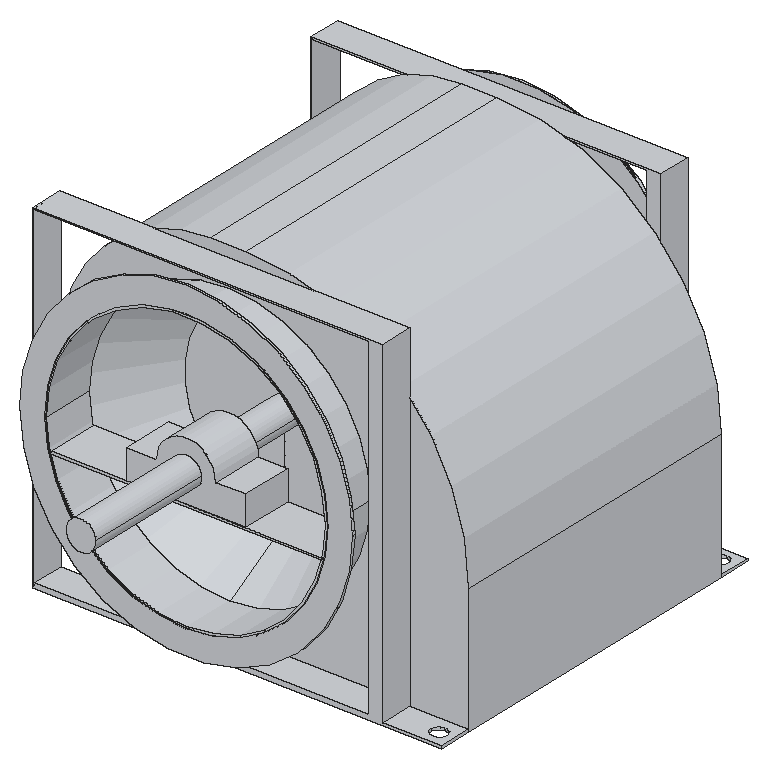
Revit family "CAF_DWDI_CW_DBD", category Mechanical Equipment, Revit 2019 (continued)
Types (59): name | V+(D-(A+.25"))/2 | V | U-N | U | T/2 | T | S/2 | S | OLD_R/2 | OLD_R | P | N | M | L | K/2 | K | INLET/4 | INLET/2 | INLET | H-J | G-(R/2) | G-(INLET/2)-1.625" | G+(INLET/2)+1.625" | OLD_G | E/2 | DB_R | DB_J | DB_H | DB_G | DB_F | DB_E | DB_D | D/2 | C/2 | C+C | C | BOTTOM | B/2 | B+.25" | B | A/2 | A+.25" | A | D/7 | Type Comments | -P | -(B+.25")/2 | (M-(B+.25")/2 | (INLET/2)-.125" | (INLET/2)+1.625" | (INLET/2)+1.5" | (D-(A+.25"))/2 | (B+.25")/2 | (A+.25")/2 | ((M+U+U+N+N)-((B+.25")/2))/2
  165_CAF-DWDI_CW_DBD_CLASS_3 | 1 15/16" | 1" | 1 9/16" | 8 1/16" | 13 3/16" | 26 3/8" | 13 11/16" | 27 3/8" | 12 1/8" | 24 1/4" | 38 5/16" | 6 1/2" | 28 1/8" | 14 1/16" | 15/32" | 15/16" | 5 19/64" | 10 19/32" | 21 3/16" | 13 1/8" | 1" | 1 1/32" | 25 7/32" | 13 1/8" | 13 1/16" | 7/8" | 30 9/16" | 1 1/16" | 12 11/16" | 31 3/16" | 13 1/8" | 27 1/2" | 9 17/32" | 1 3/32" | 4 3/8" | 2 3/16" | 7 3/16" | 12" | 24 1/4" | 24" | 8 15/32" | 17 3/16" | 16 15/16" | 1 151/256" | "Centrifugal Airfoil Blower Clockwise Down Blast Arrangement 3 Low Profile Class 3" | -38 5/16" | -12 1/8" | 1 15/16" | 10 15/32" | 12 3/32" | 12 1/32" | 15/16" | 12 1/8" | 8 19/32" | 3 1/2"
  180_CAF-DWDI_CW_DBD_CLASS_3 | 1 15/16" | 1" | 1 9/16" | 8 1/16" | 14 7/32" | 28 7/16" | 14 7/8" | 29 3/4" | 13 3/8" | 26 3/4" | 40 3/8" | 6 1/2" | 30 3/16" | 15 1/8" | 15/32" | 15/16" | 5 43/64" | 11 11/32" | 22 11/16" | 14 5/16" | 15/16" | 1 15/32" | 27 5/32" | 14 5/16" | 14 3/32" | 7/8" | 32 7/8" | 1 1/16" | 13 13/16" | 33 15/16" | 14 5/16" | 30" | 10 5/16" | 1 3/32" | 4 3/8" | 2 3/16" | 7 27/32" | 13 1/32" | 26 5/16" | 26 1/16" | 9 1/4" | 18 3/4" | 18 1/2" | 1 23/32" | "Centrifugal Airfoil Blower Clockwise Down Blast Arrangement 3 Low Profile Class 3" | -40 3/8" | -13 5/32" | 1 15/16" | 11 7/32" | 12 27/32" | 12 25/32" | 15/16" | 13 5/32" | 9 3/8" | 3 1/2"
  195_CAF-DWDI_CW_DBD_CLASS_3 | 1 31/32" | 1" | 1 9/16" | 8 1/16" | 15 21/32" | 31 5/16" | 16 11/32" | 32 11/16" | 14 1/4" | 28 1/2" | 42 3/4" | 6 1/2" | 33 9/16" | 16 13/16" | 15/32" | 15/16" | 6 3/64" | 12 3/32" | 24 3/16" | 15 1/2" | 1 1/4" | 1 29/32" | 29 3/32" | 15 1/2" | 15 5/16" | 7/8" | 36 3/8" | 2 1/16" | 14 15/16" | 37 11/16" | 15 1/2" | 32 7/16" | 10 27/32" | 1 3/32" | 4 3/8" | 2 3/16" | 8 15/32" | 14 7/32" | 28 11/16" | 28 7/16" | 9 3/4" | 19 3/4" | 19 1/2" | 1 207/256" | "Centrifugal Airfoil Blower Clockwise Down Blast Arrangement 3 Low Profile Class 3" | -42 3/4" | -14 11/32" | 2 7/16" | 11 31/32" | 13 19/32" | 13 17/32" | 31/32" | 14 11/32" | 9 7/8" | 4"
  210_CAF-DWDI_CW_DBD_CLASS_3 | 1 31/32" | 1" | 1 9/16" | 8 9/16" | 16 5/8" | 33 1/4" | 17 17/32" | 35 1/16" | 15" | 30" | 45 3/16" | 7" | 35 1/2" | 17 3/4" | 15/32" | 15/16" | 6 31/64" | 12 31/32" | 25 15/16" | 16 11/16" | 1 11/16" | 2 7/32" | 31 5/32" | 16 11/16" | 16 9/32" | 1 1/8" | 38 11/16" | 2 1/16" | 16 1/8" | 40 3/8" | 16 11/16" | 34 15/16" | 11 29/32" | 1 3/32" | 4 3/8" | 2 3/16" | 9 1/8" | 15 3/16" | 30 5/8" | 30 3/8" | 10 13/16" | 21 7/8" | 21 5/8" | 1 63/64" | "Centrifugal Airfoil Blower Clockwise Down Blast Arrangement 3 Low Profile Class 3" | -45 3/16" | -15 5/16" | 2 7/16" | 12 27/32" | 14 15/32" | 14 13/32" | 31/32" | 15 5/16" | 10 15/16" | 4"
  225_CAF-DWDI_CW_DBD_CLASS_3 | 2 15/32" | 1" | 1 9/16" | 8 9/16" | 17 11/16" | 35 3/8" | 18 3/4" | 37 1/2" | 15 7/8" | 31 3/4" | 47 5/16" | 7" | 37 5/8" | 18 13/16" | 15/32" | 15/16" | 6 55/64" | 13 23/32" | 27 7/16" | 17 13/16" | 1 15/16" | 2 19/32" | 33 1/32" | 17 13/16" | 17 27/32" | 1 1/8" | 41 3/16" | 2 1/16" | 17 1/4" | 43 1/8" | 17 13/16" | 37 7/16" | 13 3/16" | 1 3/32" | 4 3/8" | 2 3/16" | 9 25/32" | 16 1/4" | 32 3/4" | 32 1/2" | 11 19/32" | 23 7/16" | 23 3/16" | 2 51/256" | "Centrifugal Airfoil Blower Clockwise Down Blast Arrangement 3 Low Profile Class 3" | -47 5/16" | -16 3/8" | 2 7/16" | 13 19/32" | 15 7/32" | 15 5/32" | 1 15/32" | 16 3/8" | 11 23/32" | 4"
  245_CAF-DWDI_CW_DBD_CLASS_3 | 2 15/32" | 1" | 9/16" | 7 9/16" | 19 9/32" | 38 9/16" | 20 1/8" | 40 1/4" | 16 7/8" | 33 3/4" | 50 13/16" | 7" | 41 3/16" | 20 5/8" | 17/32" | 1 1/16" | 7 23/64" | 14 23/32" | 29 7/16" | 19 3/8" | 2 1/2" | 3 5/32" | 35 19/32" | 19 3/8" | 19 1/8" | 1 5/16" | 44 7/16" | 2 1/16" | 18 3/4" | 46 3/4" | 19 3/8" | 40 11/16" | 14 11/32" | 1 7/32" | 4 7/8" | 2 7/16" | 10 21/32" | 17 17/32" | 35 5/16" | 35 1/16" | 12 3/4" | 25 3/4" | 25 1/2" | 2 25/64" | "Centrifugal Airfoil Blower Clockwise Down Blast Arrangement 3 Low Profile Class 3" | -50 13/16" | -17 21/32" | 2 15/16" | 14 19/32" | 16 7/32" | 16 5/32" | 1 15/32" | 17 21/32" | 12 7/8" | 3 1/2"
  270_CAF-DWDI_CW_DBD_CLASS_3 | 2 15/32" | 1" | 9/16" | 7 11/16" | 21 15/32" | 42 15/16" | 22 1/8" | 44 1/4" | 18 3/4" | 37 1/2" | 55 5/16" | 7 1/8" | 45 9/16" | 22 13/16" | 17/32" | 1 1/16" | 7 63/64" | 15 31/32" | 31 15/16" | 21 5/16" | 2 9/16" | 3 27/32" | 38 25/32" | 21 5/16" | 21 5/16" | 1 5/16" | 48 1/2" | 2 1/16" | 20 11/16" | 51 5/16" | 21 5/16" | 44 13/16" | 15 11/32" | 1 7/32" | 4 7/8" | 2 7/16" | 11 3/4" | 19 23/32" | 39 11/16" | 39 7/16" | 13 3/4" | 27 3/4" | 27 1/2" | 2 143/256" | "Centrifugal Airfoil Blower Clockwise Down Blast Arrangement 3 Low Profile Class 3" | -55 5/16" | -19 27/32" | 2 15/16" | 15 27/32" | 17 15/32" | 17 13/32" | 1 15/32" | 19 27/32" | 13 7/8" | 3 1/2"
  300_CAF-DWDI_CW_DBD_CLASS_3 | 2 15/32" | 1" | 5/8" | 7 3/4" | 23 1/4" | 46 1/2" | 24 15/32" | 48 15/16" | 20 1/4" | 40 1/2" | 58 7/8" | 7 1/8" | 49 1/8" | 24 9/16" | 17/32" | 1 1/16" | 8 47/64" | 17 15/32" | 34 15/16" | 23 11/16" | 3 7/16" | 4 23/32" | 42 21/32" | 23 11/16" | 1 5/16" | 1 1/8" | 53 3/16" | 2 1/16" | 22 15/16" | 56 13/16" | 23 11/16" | 49 3/4" | 17 3/16" | 1 7/32" | 4 7/8" | 2 7/16" | 13 1/32" | 21 1/2" | 43 1/4" | 43" | 15 19/32" | 31 7/16" | 31 3/16" | 2 221/256" | "Centrifugal Airfoil Blower Clockwise Down Blast Arrangement 3 Low Profile Class 3" | -58 7/8" | -21 5/8" | 2 15/16" | 17 11/32" | 18 31/32" | 18 29/32" | 1 15/32" | 21 5/8" | 15 23/32" | 3 9/16"
  330_CAF-DWDI_CW_DBD_CLASS_3 | 3" | 1" | -3/8" | 6 3/4" | 25 7/8" | 51 3/4" | 26 15/32" | 52 15/16" | 20 25/32" | 41 9/16" | 64" | 7 1/8" | 55 1/4" | 27 5/8" | 17/32" | 1 1/16" | 9 31/64" | 18 31/32" | 37 15/16" | 26" | 5 9/32" | 5 19/32" | 46 17/32" | 26 1/16" | 25 21/32" | 1 5/16" | 58 3/16" | 2 1/8" | 25 5/16" | 62 5/16" | 26 1/16" | 54 3/4" | 19 3/8" | 1 7/32" | 4 7/8" | 2 7/16" | 14 11/32" | 23 17/32" | 47 5/16" | 47 1/16" | 17 1/4" | 34 3/4" | 34 1/2" | 3 59/256" | "Centrifugal Airfoil Blower Clockwise Down Blast Arrangement 3 Low Profile Class 3" | -64" | -23 21/32" | 3 31/32" | 18 27/32" | 20 15/32" | 20 13/32" | 2" | 23 21/32" | 17 3/8" | 3 19/32"
  365_CAF-DWDI_CW_DBD_CLASS_3 | 3" | 1" | 1/8" | 7 3/4" | 28 7/16" | 56 7/8" | 29 1/2" | 59" | 22 21/32" | 45 5/16" | 70 1/8" | 7 5/8" | 60 3/8" | 30 3/16" | 17/32" | 1 1/16" | 10 23/64" | 20 23/32" | 41 7/16" | 28 3/4" | 6 3/32" | 6 17/32" | 50 31/32" | 28 3/4" | 28 7/32" | 1 3/4" | 64 1/4" | 2 5/8" | 27 15/16" | 69 3/16" | 28 3/4" | 60 1/2" | 21 15/32" | 1 15/32" | 5 7/8" | 2 15/16" | 15 7/8" | 26 3/32" | 52 7/16" | 52 3/16" | 19 11/32" | 38 15/16" | 38 11/16" | 3 37/64" | "Centrifugal Airfoil Blower Clockwise Down Blast Arrangement 3 Low Profile Class 3" | -70 1/8" | -26 7/32" | 3 31/32" | 20 19/32" | 22 7/32" | 22 5/32" | 2" | 26 7/32" | 19 15/32" | 4 3/32"
  402_CAF-DWDI_CW_DBD_CLASS_3 | 3 31/32" | 1 15/16" | 5/8" | 10 3/4" | 31 3/4" | 63 1/2" | 31 15/16" | 63 7/8" | 24 27/32" | 49 11/16" | 80 3/4" | 10 1/8" | 68" | 34" | 17/32" | 1 1/16" | 11 19/64" | 22 19/32" | 45 3/16" | 31 5/8" | 6 25/32" | 7 17/32" | 55 23/32" | 31 5/8" | 31" | 2 1/4" | 70 7/16" | 2 5/8" | 30 3/4" | 75 15/16" | 31 5/8" | 66 5/8" | 23 1/32" | 1 23/32" | 6 7/8" | 3 7/16" | 17 15/32" | 28 29/32" | 58 1/16" | 57 13/16" | 20 7/8" | 42" | 41 3/4" | 3 215/256" | "Centrifugal Airfoil Blower Clockwise Down Blast Arrangement 3 Low Profile Class 3" | -80 3/4" | -29 1/32" | 4 31/32" | 22 15/32" | 24 3/32" | 24 1/32" | 2 1/32" | 29 1/32" | 21" | 5 19/32"
  445_CAF-DWDI_CW_DBD_CLASS_3 | 4" | 1 15/16" | 5/8" | 10 3/4" | 35" | 70" | 35 5/16" | 70 5/8" | 26 31/32" | 53 15/16" | 87 1/4" | 10 1/8" | 74 1/2" | 37 1/4" | 17/32" | 1 1/16" | 12 23/64" | 24 23/32" | 49 7/16" | 35" | 8 1/32" | 8 25/32" | 61 7/32" | 35" | 34 9/32" | 2 1/4" | 77 1/8" | 2 5/8" | 34 1/16" | 83 13/16" | 35" | 73 3/4" | 25 5/32" | 1 23/32" | 6 7/8" | 3 7/16" | 19 11/32" | 32 1/8" | 64 1/2" | 64 1/4" | 22 31/32" | 46 3/16" | 45 15/16" | 4 49/256" | "Centrifugal Airfoil Blower Clockwise Down Blast Arrangement 3 Low Profile Class 3" | -87 1/4" | -32 1/4" | 5" | 24 19/32" | 26 7/32" | 26 5/32" | 2 1/16" | 32 1/4" | 23 3/32" | 5 5/8"
  490_CAF-DWDI_CW_DBD_CLASS_3 | 4" | 1 15/16" | -1 3/8" | 12 1/8" | 38 7/16" | 76 7/8" | 38 3/8" | 76 3/4" | 29 11/32" | 58 11/16" | 98 1/2" | 13 1/2" | 82 3/8" | 41 3/16" | 17/32" | 1 1/16" | 13 3/4" | 27 1/2" | 55" | 38 9/16" | 9 7/32" | 9 9/16" | 67 9/16" | 38 9/16" | 37 7/32" | 2 3/4" | 84 1/2" | 2 5/8" | 37 1/2" | 92" | 38 9/16" | 81 1/8" | 27 11/16" | 1 31/32" | 7 7/8" | 3 15/16" | 21 9/32" | 35 1/16" | 70 3/8" | 70 1/8" | 25 1/2" | 51 1/4" | 51" | 4 157/256" | "Centrifugal Airfoil Blower Clockwise Down Blast Arrangement 3 Low Profile Class 3" | -98 1/2" | -35 3/16" | 6" | 27 3/8" | 29" | 28 15/16" | 2 1/16" | 35 3/16" | 25 5/8" | 4 5/8"
  540_CAF-DWDI_CW_DBD_CLASS_3 | 4" | 1 15/16" | 5/8" | 16 3/8" | 42 13/32" | 84 13/16" | 42 9/32" | 84 9/16" | 31 27/32" | 63 11/16" | 110 11/16" | 15 3/4" | 90 5/16" | 45 1/8" | 19/32" | 1 3/16" | 15" | 30" | 60" | 42 7/16" | 10 19/32" | 10 15/16" | 73 15/16" | 42 7/16" | 41 3/32" | 2 3/4" | 92 5/16" | 2 11/16" | 41 3/8" | 101 3/16" | 42 7/16" | 89 7/16" | 30 1/16" | 2 7/32" | 8 7/8" | 4 7/16" | 23 15/32" | 38 31/32" | 78 3/16" | 77 15/16" | 27 7/8" | 56" | 55 3/4" | 5 3/256" | "Centrifugal Airfoil Blower Clockwise Down Blast Arrangement 3 Low Profile Class 3" | -110 11/16" | -39 3/32" | 6 1/16" | 29 7/8" | 31 1/2" | 31 7/16" | 2 1/16" | 39 3/32" | 28" | 6 11/16"
  600_CAF-DWDI_CW_DBD_CLASS_3 | 5" | 2 15/16" | 1/8" | 16" | 46 9/16" | 93 1/8" | 46 31/32" | 93 15/16" | 35" | 70" | 118 5/8" | 15 7/8" | 98 5/8" | 49 5/16" | 19/32" | 1 3/16" | 16 1/2" | 33" | 66" | 47 1/8" | 12 1/8" | 12 5/8" | 81 5/8" | 47 1/8" | 45 9/32" | 2 3/4" | 101 11/16" | 2 11/16" | 45 15/16" | 112 1/8" | 47 1/8" | 99 5/16" | 33 9/32" | 2 15/32" | 9 7/8" | 4 15/16" | 26 3/32" | 43 1/8" | 86 1/2" | 86 1/4" | 31 3/32" | 62 7/16" | 62 3/16" | 5 35/64" | "Centrifugal Airfoil Blower Clockwise Down Blast Arrangement 3 Low Profile Class 3" | -118 5/8" | -43 1/4" | 6 1/16" | 32 7/8" | 34 1/2" | 34 7/16" | 2 1/16" | 43 1/4" | 31 7/32" | 6 3/16"
